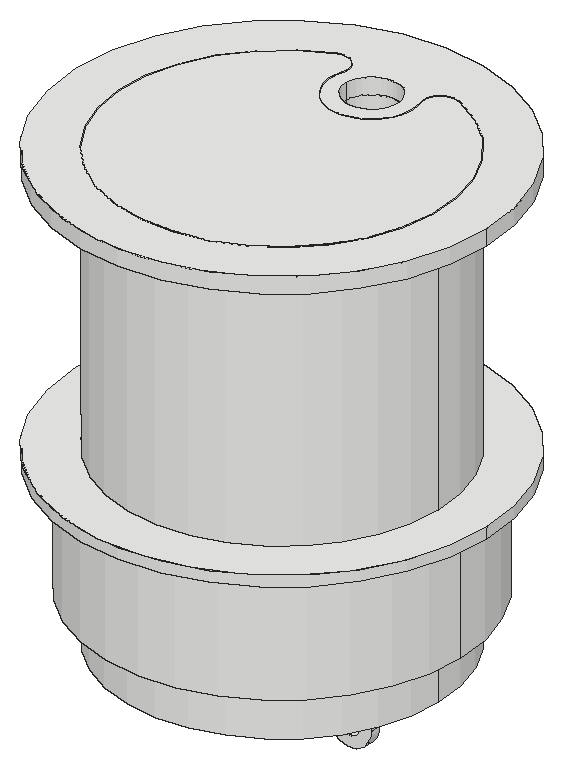
Revit family "Electronics_Masking-Loudspeakers_Biamp_Cambridge_Active-Emitter-Sound-Masking-Loudspeaker_QT__", category Communication Devices, host Face, Revit 2020
Family settings
  Host = Face
  Maintain Annotation Orientation = No
  Round Connector Dimension = Use Diameter
  Part Type = Normal
  OmniClass Number = 23.85.10.11.11.21
  OmniClass Title = Speakers
  Cut with Voids When Loaded = Yes
  Shared = No
  Room Calculation Point = No
Parameters (values of type "Qt Active Emitter White")
  Weight = 0.40 lbf
  URL = "https://www.biamp.com/"
  Selectable Attenuation = "0 dB, -1.5 dB, -3 dB, -4.5 dB"
  Qt Emitter = no
  Product data url = "https://www.bimobject.com/biamp/product/qt-active-emitters_masking-loudspeaker"
  Product Page URL = "https://www.biamp.com/products/product-families/cambridge/masking-loudspeakers#qt-active-emitters"
  Product Documentation Link = "https://downloads.biamp.com/assets/docs/default-source/data-sheets/biamp_data_sheet_qt_active_emitter.pdf"
  Nominal Impedance = "40 kohm"
  Nominal Dispersion = "170° conical / half space"  # constant formula
  Model = "Qt Active Emitter"
  Minimum Masking SPL = "30dBA"  # constant formula
  Maximum Music/Paging SPL = "74dBA"
  Maximum Masking SPL = "60dBA"
  Manufacturer = "Biamp"  # constant formula
  Loudspeaker Type = "Active with integrated amplifier"
  Included Accessories = "Acoustic Ceiling Tile Mounting Ring, UTP Cable (16ft/25ft/30ft)"
  I/O Connectors = "2 RJ-45 connectors"  # constant formula
  Sound Masking Frequency Response = "125Hz to 10kHz"
  Music/Paging Frequency Response = "115Hz to 12kHz"
  Housing Material = Biamp - Plastic - White
  Enclosure = "Front Vented"
  Driver Diameter = "1 1/4''"  # constant formula
  Diameter = 3.25"  # constant formula
  Description = "QT® Active Emitter Sound Masking Loudspeaker"
  Depth = 3.50"
  Default Elevation = 48.00"
  Compliance = "ETL listed (USA and Canada), Evaluated to the requirements of UL 2043 and is suitable for use in air handling spaces"
  Channel Selection = "4 Auto-Sequencing and Repeating Channels"  # constant formula
  Ceiling Thickness [instance] = 2.00"
  Assembly Code = ""
  Active (White Grid) = yes
  Active (Black Grid) = no
  Active = yes
Types (5): name | Selectable Attenuation | Qt Emitter | Product data url | Product Page URL | Product Documentation Link | Nominal Impedance | Model | Maximum Music/Paging SPL | Maximum Masking SPL | Loudspeaker Type | Included Accessories | Sound Masking Frequency Response | Music/Paging Frequency Response | Housing Material | Enclosure | Description | Depth | Compliance | Active (White Grid) | Active (Black Grid) | Active
  (no name) | "0 dB, -1.5 dB, -3 dB, -4.5 dB" | no | "https://www.bimobject.com/biamp/product/qt-active-emitters_masking-loudspeaker" | "https://www.biamp.com/products/product-families/cambridge/masking-loudspeakers#qt-active-emitters" | "https://downloads.biamp.com/assets/docs/default-source/data-sheets/biamp_data_sheet_qt_active_emitter.pdf" | "40 kohm" | "Qt Active Emitter" | "74dBA" | "60dBA" | "Active with integrated amplifier" | "Acoustic Ceiling Tile Mounting Ring, UTP Cable (16ft/25ft/30ft)" | "125Hz to 10kHz" | "115Hz to 12kHz" | Biamp - Plastic - White | "Front Vented" | "QT® Active Emitter Sound Masking Loudspeaker" | 3.50" | "ETL listed (USA and Canada), Evaluated to the requirements of UL 2043 and is suitable for use in air handling spaces" | yes | no | yes
  Qt Emitter White | "0 dB, -3 dB, -6 dB, -9 dB" | yes | "https://www.bimobject.com/biamp/product/qt-emitters_masking-loudspeaker" | "https://www.biamp.com/products/product-families/cambridge/masking-loudspeakers#qt-emitters" | "https://downloads.biamp.com/assets/docs/default-source/data-sheets/biamp_data_sheet_qt_emitters_jul21c.pdf" | "3.6 kohm" | "Qt Emitter" | "56dBA" | "57dBA" | "Passive with transformer" | "Acoustic Ceiling Tile Mounting Ring, UTP Cable (16ft/30ft)" | "200Hz to 6.3kHz" | "200Hz to 10kHz" | Biamp - Plastic - White | "Sealed" | "QT® Emitter Sound Masking Loudspeaker" | 2.50" | "ETL listed (USA and Canada), CE Marked (Europe), RoHS Directive (Europe), Evaluated to the requirements of UL 1480a and UL 2043 and is suitable for use in air handling spaces" | no | no | no
  Qt Active Emitter White | "0 dB, -1.5 dB, -3 dB, -4.5 dB" | no | "https://www.bimobject.com/biamp/product/qt-active-emitters_masking-loudspeaker" | "https://www.biamp.com/products/product-families/cambridge/masking-loudspeakers#qt-active-emitters" | "https://downloads.biamp.com/assets/docs/default-source/data-sheets/biamp_data_sheet_qt_active_emitter.pdf" | "40 kohm" | "Qt Active Emitter" | "74dBA" | "60dBA" | "Active with integrated amplifier" | "Acoustic Ceiling Tile Mounting Ring, UTP Cable (16ft/25ft/30ft)" | "125Hz to 10kHz" | "115Hz to 12kHz" | Biamp - Plastic - White | "Front Vented" | "QT® Active Emitter Sound Masking Loudspeaker" | 3.50" | "ETL listed (USA and Canada), Evaluated to the requirements of UL 2043 and is suitable for use in air handling spaces" | yes | no | yes
  Qt Active Emitter Black | "0 dB, -1.5 dB, -3 dB, -4.5 dB" | no | "https://www.bimobject.com/biamp/product/qt-active-emitters_masking-loudspeaker" | "https://www.biamp.com/products/product-families/cambridge/masking-loudspeakers#qt-active-emitters" | "https://downloads.biamp.com/assets/docs/default-source/data-sheets/biamp_data_sheet_qt_active_emitter.pdf" | "40 kohm" | "Qt Active Emitter" | "74dBA" | "60dBA" | "Active with integrated amplifier" | "Acoustic Ceiling Tile Mounting Ring, UTP Cable (16ft/25ft/30ft)" | "125Hz to 10kHz" | "115Hz to 12kHz" | Biamp - Plastic - Black | "Front Vented" | "QT® Active Emitter Sound Masking Loudspeaker" | 3.50" | "ETL listed (USA and Canada), Evaluated to the requirements of UL 2043 and is suitable for use in air handling spaces" | no | yes | yes
  Qt Emitter Black | "0 dB, -3 dB, -6 dB, -9 dB" | yes | "https://www.bimobject.com/biamp/product/qt-emitters_masking-loudspeaker" | "https://www.biamp.com/products/product-families/cambridge/masking-loudspeakers#qt-emitters" | "https://downloads.biamp.com/assets/docs/default-source/data-sheets/biamp_data_sheet_qt_emitters_jul21c.pdf" | "3.6 kohm" | "Qt Emitter" | "56dBA" | "57dBA" | "Passive with transformer" | "Acoustic Ceiling Tile Mounting Ring, UTP Cable (16ft/30ft)" | "200Hz to 6.3kHz" | "200Hz to 10kHz" | Biamp - Plastic - Black | "Sealed" | "QT® Emitter Sound Masking Loudspeaker" | 2.50" | "ETL listed (USA and Canada), CE Marked (Europe), RoHS Directive (Europe), Evaluated to the requirements of UL 1480a and UL 2043 and is suitable for use in air handling spaces" | no | no | no
Reference planes (in)
  plane 1 "Center (Front/Back)": y = 0
  plane 2: z = 0
  plane 3 "Center (Left/Right)": x = 0
  plane 4: y = 1.625
  plane 5: y = -1.625
  plane 6: x = -1.625
  plane 7: x = 1.625
  plane 8: z = 3.5
  plane 9: z = -2
  plane 10: z = 0
  plane 11: z = 0
  plane 12: z = -2.08286
  plane 13: z = -3
  plane 14: z = -3.37506
  plane 15: z = 0.12494
  plane 16: z = -3.26245
  plane 17: z = -3.46881
  plane 18: z = -6.65776
Forms (in)
  Extrusion 1, solid, material "Biamp - Plastic - White" <- "Housing Material", visible <- "Qt Emitter"
    sketch origin (0, 0, 0) x (1, 0, 0) y (0, 1, 0)
      loop
        circle (0, 0) r 1.625
    from 0 to 0.12494
  Extrusion 2, solid, material "Biamp - Plastic - White" <- "Housing Material", detail levels medium+fine
    sketch origin (0, 0, 0) x (1, 0, 0) y (0, 1, 0)
      loop
        circle (0, 0) r 1.625
      loop
        circle (0, 0) r 1.25
    from -2.08286 to -2
  Extrusion 3, solid, material "Biamp - Plastic - White" <- "Housing Material", detail levels medium+fine
    sketch origin (0, 0, 0) x (1, 0, 0) y (0, 1, 0)
      loop
        circle (0, 0) r 1.42261
      loop
        circle (0, 0) r 1.25
    from -3 to -2.08286
  Extrusion 4, solid, material "Biamp - Plastic - White" <- "Housing Material", visible <- "Qt Emitter"
    sketch origin (0, 0, 0) x (1, 0, 0) y (0, 1, 0)
      loop
        circle (0, 0) r 1.25
    from -3.37506 to 0
  Extrusion 5, void
    sketch origin (0, 0, 0) x (1, 0, 0) y (0, 1, 0)
      loop
        circle (0, 0) r 0.05229
      loop
        circle (0, 0.24955) r 0.05229
      loop
        circle (0, 0.51031) r 0.05229
      loop
        circle (0, -0.24955) r 0.05229
      loop
        circle (0, -0.51031) r 0.05229
      loop
        circle (0.12615, 0.21508) r 0.05229
      loop
        circle (0.12615, 0.49928) r 0.05229
      loop
        circle (0.22879, 0.12521) r 0.05229
      loop
        circle (0.44284, 0.25244) r 0.05229
      loop
        circle (0.25488, 0.44805) r 0.05229
      loop
        circle (0.36041, 0.36981) r 0.05229
      loop
        circle (0.49688, 0.13494) r 0.05229
      loop
        circle (0.25808, 0) r 0.05229
      loop
        circle (0.50808, 0) r 0.05229
      loop
        circle (0.12615, -0.21508) r 0.05229
      loop
        circle (0.12615, -0.49928) r 0.05229
      loop
        circle (0.22879, -0.12521) r 0.05229
      loop
        circle (0.44284, -0.25244) r 0.05229
      loop
        circle (0.25488, -0.44805) r 0.05229
      loop
        circle (0.36041, -0.36981) r 0.05229
      loop
        circle (0.49688, -0.13494) r 0.05229
      loop
        circle (-0.12615, 0.21508) r 0.05229
      loop
        circle (-0.12615, 0.49928) r 0.05229
      loop
        circle (-0.22879, 0.12521) r 0.05229
      loop
        circle (-0.44284, 0.25244) r 0.05229
      loop
        circle (-0.25488, 0.44805) r 0.05229
      loop
        circle (-0.36041, 0.36981) r 0.05229
      loop
        circle (-0.49688, 0.13494) r 0.05229
      loop
        circle (-0.25808, 0) r 0.05229
      loop
        circle (-0.50808, 0) r 0.05229
      loop
        circle (-0.12615, -0.21508) r 0.05229
      loop
        circle (-0.12615, -0.49928) r 0.05229
      loop
        circle (-0.22879, -0.12521) r 0.05229
      loop
        circle (-0.44284, -0.25244) r 0.05229
      loop
        circle (-0.25488, -0.44805) r 0.05229
      loop
        circle (-0.36041, -0.36981) r 0.05229
      loop
        circle (-0.49688, -0.13494) r 0.05229
    from 0 to 0.12494
  Extrusion 6, void
    sketch origin (0, 0, 0) x (1, 0, 0) y (0, 1, 0)
      loop
        line (-0.55934, 0.185) -> (-0.55934, -0.4384) -> (-0.00781, -0.4384) -> (-0.00781, 0.185) -> (-0.55934, 0.185)
      loop
        line (0.55934, 0.185) -> (0.00781, 0.185) -> (0.00781, -0.4384) -> (0.55934, -0.4384) -> (0.55934, 0.185)
    from -3.37506 to -3.26245
  Extrusion 7, solid, material "Biamp - Plastic - White" <- "Housing Material", visible <- "Qt Emitter", detail levels medium+fine
    sketch origin (-0.17187, 0, 0) x (1, 0, 0) y (0, 0, 1)
      loop
        line (-0.39408, -3.37506) -> (-0.39408, -3.50006)
        arc (-0.39408, -3.50006) -> (-0.26908, -3.62506) -> (-0.14408, -3.50006) r 0.125
        line (-0.14408, -3.50006) -> (-0.14408, -3.37506) -> (-0.39408, -3.37506)
      loop
        circle (-0.26908, -3.46881) r 0.05777
    from -0.30057 to -0.26159
  Extrusion 8, solid, material "Biamp - Plastic - White" <- "Housing Material", visible <- "Qt Emitter"
    sketch origin (0, 0, 0) x (1, 0, 0) y (0, 1, 0)
      loop
        circle (0, 0) r 1.625
    from 0 to 0.12494
  Extrusion 9, solid, material "Biamp - Plastic - White" <- "Housing Material", visible <- "Active"
    sketch origin (0, 0, 0) x (1, 0, 0) y (0, 1, 0)
      loop
        circle (0, 0) r 1.25
    from -3.37506 to 0
  Extrusion 10, void
    sketch origin (0, 0, 0) x (1, 0, 0) y (0, 1, 0)
      loop
        circle (0, 0) r 0.05229
      loop
        circle (0, 0.24955) r 0.05229
      loop
        circle (0, 0.51031) r 0.05229
      loop
        circle (0, -0.24955) r 0.05229
      loop
        circle (0, -0.51031) r 0.05229
      loop
        circle (0.12615, 0.21508) r 0.05229
      loop
        circle (0.12615, 0.49928) r 0.05229
      loop
        circle (0.22879, 0.12521) r 0.05229
      loop
        circle (0.44284, 0.25244) r 0.05229
      loop
        circle (0.25488, 0.44805) r 0.05229
      loop
        circle (0.36041, 0.36981) r 0.05229
      loop
        circle (0.49688, 0.13494) r 0.05229
      loop
        circle (0.25808, 0) r 0.05229
      loop
        circle (0.50808, 0) r 0.05229
      loop
        circle (0.12615, -0.21508) r 0.05229
      loop
        circle (0.12615, -0.49928) r 0.05229
      loop
        circle (0.22879, -0.12521) r 0.05229
      loop
        circle (0.44284, -0.25244) r 0.05229
      loop
        circle (0.25488, -0.44805) r 0.05229
      loop
        circle (0.36041, -0.36981) r 0.05229
      loop
        circle (0.49688, -0.13494) r 0.05229
      loop
        circle (-0.12615, 0.21508) r 0.05229
      loop
        circle (-0.12615, 0.49928) r 0.05229
      loop
        circle (-0.22879, 0.12521) r 0.05229
      loop
        circle (-0.44284, 0.25244) r 0.05229
      loop
        circle (-0.25488, 0.44805) r 0.05229
      loop
        circle (-0.36041, 0.36981) r 0.05229
      loop
        circle (-0.49688, 0.13494) r 0.05229
      loop
        circle (-0.25808, 0) r 0.05229
      loop
        circle (-0.50808, 0) r 0.05229
      loop
        circle (-0.12615, -0.21508) r 0.05229
      loop
        circle (-0.12615, -0.49928) r 0.05229
      loop
        circle (-0.22879, -0.12521) r 0.05229
      loop
        circle (-0.44284, -0.25244) r 0.05229
      loop
        circle (-0.25488, -0.44805) r 0.05229
      loop
        circle (-0.36041, -0.36981) r 0.05229
      loop
        circle (-0.49688, -0.13494) r 0.05229
    from 0 to 0.12494
  Extrusion 11, void
    sketch origin (0, 0, 0) x (1, 0, 0) y (0, 1, 0)
      loop
        line (0.55934, 0.185) -> (0.00781, 0.185) -> (0.00781, -0.4384) -> (0.55934, -0.4384) -> (0.55934, 0.185)
      loop
        line (-0.55934, 0.185) -> (-0.55934, -0.4384) -> (-0.00781, -0.4384) -> (-0.00781, 0.185) -> (-0.55934, 0.185)
      loop
        circle (0.55934, 0.74641) r 0.16251
      loop
        line (0.46905, -0.5052) -> (0.09441, -0.5052) -> (0.09441, -0.81942) -> (0.46905, -0.81942) -> (0.46905, -0.5052)
    from -3.37506 to -3.26245
  Extrusion 12, solid, material "Biamp - Plastic - White" <- "Housing Material", visible <- "Qt Emitter", detail levels medium+fine
    sketch origin (-0.17187, 0, 0) x (1, 0, 0) y (0, 0, 1)
      loop
        line (-0.39408, -3.37506) -> (-0.39408, -3.50006)
        arc (-0.39408, -3.50006) -> (-0.26908, -3.62506) -> (-0.14408, -3.50006) r 0.125
        line (-0.14408, -3.50006) -> (-0.14408, -3.37506) -> (-0.39408, -3.37506)
      loop
        circle (-0.26908, -3.46881) r 0.05777
    from -0.30057 to -0.26159
  Extrusion 13, solid, material "Biamp - Plastic - White" <- "Housing Material", visible <- "Active"
    sketch origin (0, 0, 0) x (1, 0, 0) y (0, 1, 0)
      loop
        circle (0, 0) r 1.625
      loop
        arc (-0.48484, 1.15214) -> (0, -1.25) -> (0.48484, 1.15214) r 1.25
        arc (0.48484, 1.15214) -> (0.35027, 1.13241) -> (0.30526, 1.00406) r 0.13141
        arc (0.30526, 1.00406) -> (0, 0.56743) -> (-0.30526, 1.00406) r 0.32502
        arc (-0.30526, 1.00406) -> (-0.35027, 1.13241) -> (-0.48484, 1.15214) r 0.13141
      loop
        circle (0, 0.89245) r 0.20689
    from 0 to 0.12494
  Extrusion 14, void
    sketch origin (0, 0, 0) x (1, 0, 0) y (0, 1, 0)
      loop
        circle (0, 0.89245) r 0.20689
    from -0.38414 to 0
  Extrusion 15, solid, material "Biamp - Plastic - White(Grid)", visible <- "Active (White Grid)"
    sketch origin (0, 0, 0) x (1, 0, 0) y (0, 1, 0)
      loop
        arc (-0.48484, 1.15214) -> (0, -1.25) -> (0.48484, 1.15214) r 1.25
        arc (0.48484, 1.15214) -> (0.35027, 1.13241) -> (0.30526, 1.00406) r 0.13141
        arc (0.30526, 1.00406) -> (0, 0.56743) -> (-0.30526, 1.00406) r 0.32502
        arc (-0.30526, 1.00406) -> (-0.35027, 1.13241) -> (-0.48484, 1.15214) r 0.13141
    from 0 to 0.12494
  Extrusion 16, solid, material "Biamp - Plastic - White" <- "Housing Material", visible <- "Active", detail levels medium+fine
    sketch origin (0.58366, 0, 0) x (-1, 0, 0) y (0, 0, -1)
      loop
        line (-0.4332, 3.37506) -> (-0.09518, 3.37506) -> (-0.09518, 3.50006)
        arc (-0.09518, 3.50006) -> (-0.26419, 3.66907) -> (-0.4332, 3.50006) r 0.16901
        line (-0.4332, 3.50006) -> (-0.4332, 3.37506)
      loop
        circle (-0.26908, 3.50788) r 0.07632
    from 0.3058 to 0.37831
  Extrusion 17, solid, material "Biamp - Plastic - Black(Grid)", visible <- "Active (Black Grid)"
    sketch origin (0, 0, 0) x (1, 0, 0) y (0, 1, 0)
      loop
        arc (-0.48484, 1.15214) -> (0, -1.25) -> (0.48484, 1.15214) r 1.25
        arc (0.48484, 1.15214) -> (0.35027, 1.13241) -> (0.30526, 1.00406) r 0.13141
        arc (0.30526, 1.00406) -> (0, 0.56743) -> (-0.30526, 1.00406) r 0.32502
        arc (-0.30526, 1.00406) -> (-0.35027, 1.13241) -> (-0.48484, 1.15214) r 0.13141
    from 0 to 0.12494
  Extrusion 18, void
    sketch origin (0, 0, 0) x (1, 0, 0) y (0, 1, 0)
      loop
        circle (0, 0) r 1.5
    from 0 to -3.37506
Cuts and joins
  joined: Extrusion 2, Extrusion 3
  Extrusion 5, Extrusion 10 cuts Extrusion 1
  Extrusion 5, Extrusion 6, Extrusion 10, Extrusion 11 cuts Extrusion 4
  Extrusion 5, Extrusion 10 cuts Extrusion 8
  Extrusion 6, Extrusion 10, Extrusion 11, Extrusion 14 cuts Extrusion 9
Lines and regions (in)
  Masking region 1
    outline origin (0, 0, 0) x (1, 0, 0) y (0, 1, 0)
      loop
        circle (0, 0) r 1.625
  Masking region 2
    outline origin (0, 0, 0) x (1, 0, 0) y (0, 1, 0)
      loop
        circle (0, 0) r 1.42261
  Masking region 3
    outline origin (0, 0, 0) x (1, 0, 0) y (0, 1, 0)
      loop
        circle (0, 0) r 1.25
  Masking region 4
    outline origin (0, 0, 0) x (1, 0, 0) y (0, 1, 0)
      loop
        circle (-0.55934, 0.74641) r 0.16251
      loop
        circle (0.55934, 0.74641) r 0.16251
      loop
        line (-0.55934, 0.185) -> (-0.55934, -0.4384) -> (-0.00781, -0.4384) -> (-0.00781, 0.185) -> (-0.55934, 0.185)
      loop
        line (0.00781, 0.185) -> (0.00781, -0.4384) -> (0.55934, -0.4384) -> (0.55934, 0.185) -> (0.00781, 0.185)
      loop
        line (0.46905, -0.5052) -> (0.09441, -0.5052) -> (0.09441, -0.81942) -> (0.46905, -0.81942) -> (0.46905, -0.5052)
  Masking region 5, visible <- "Active"
    outline origin (0, 0, 0) x (1, 0, 0) y (0, 1, 0)
      loop
        line (0.67883, -0.37831) -> (1.01686, -0.37831) -> (1.01686, -0.3058) -> (0.67883, -0.3058) -> (0.67883, -0.37831)
  Masking region 6, visible <- "Qt Emitter"
    outline origin (0, 0, 0) x (1, 0, 0) y (0, 1, 0)
      loop
        line (-0.31595, 0.30057) -> (-0.56595, 0.30057) -> (-0.56595, 0.26159) -> (-0.31595, 0.26159) -> (-0.31595, 0.30057)
Dimensions and locks (in)
  equal spacing: plane 6, plane 3 "Center (Left/Right)", plane 7
  equal spacing: plane 4, plane 1 "Center (Front/Back)", plane 5
  "Diameter": plane 4 to plane 5
  "Diameter": plane 6 to plane 7
  plane 11 to plane 9 = 2.00"
  locked: plane 12 to plane 13 at 0.91714
  locked: plane 9 to plane 12 at 0.08286
  "Depth": plane 15 to plane 14
  plane 15 to plane 11 = 0.12494"
  locked: plane 16 to plane 14 at 0.11261
  locked: plane 14 to plane 17 at 0.09375
  "Ceiling Thickness": level to plane 9
  radius of Extrusion 4 sketch curve = 1.25"
  aligned and locked: plane 2 to host face
  aligned and locked: level to host face
  aligned and locked: cut or joined group of Extrusion 1, Extrusion 5, Extrusion 10 to plane 11
  aligned and locked: plane 12 to cut or joined group of Extrusion 2, Extrusion 3  (x4)
  aligned and locked: plane 13 to cut or joined group of Extrusion 2, Extrusion 3
  aligned and locked: plane 9 to cut or joined group of Extrusion 2, Extrusion 3
  aligned and locked: cut or joined group of Extrusion 2, Extrusion 3 to plane 9  (x2)
  aligned and locked: Extrusion 4 to plane 14
  aligned and locked: cut or joined group of Extrusion 2, Extrusion 3 to plane 12
  aligned and locked: Extrusion 3 to Extrusion 2
  aligned and locked: plane 15 to cut or joined group of Extrusion 1, Extrusion 5, Extrusion 10
  aligned and locked: plane 16 to cut or joined group of Extrusion 4, Extrusion 5, Extrusion 6, Extrusion 10, Extrusion 11
  aligned and locked: plane 17 to Extrusion 7
  aligned and locked: cut or joined group of Extrusion 6, Extrusion 9, Extrusion 10, Extrusion 11, Extrusion 14 to plane 14
  aligned and locked: Extrusion 11 to plane 14
  aligned and locked: plane 16 to Extrusion 11
  aligned and locked: Extrusion 9 to plane 14
  aligned and locked: plane 16 to cut or joined group of Extrusion 6, Extrusion 9, Extrusion 10, Extrusion 11, Extrusion 14
  aligned and locked: cut or joined group of Extrusion 4, Extrusion 5, Extrusion 6, Extrusion 10, Extrusion 11 to plane 14
  aligned and locked: Extrusion 18 to plane 14
Automatic sketch dimensions
  host sketch curve to host sketch curve = 96.00"  (x2)
  plane 1 "Center (Front/Back)" to Extrusion 1 sketch curve = 0.00"
  Extrusion 1 sketch curve to plane 3 "Center (Left/Right)" = 0.00"
  Extrusion 2 sketch curve to Extrusion 2 sketch curve = 0.00"  (x6)
  plane 1 "Center (Front/Back)" to Extrusion 2 sketch curve = 0.00"
  Extrusion 2 sketch curve to plane 3 "Center (Left/Right)" = 0.00"
  plane 6 to Extrusion 2 sketch curve = 0.375"
  Extrusion 3 sketch curve to Extrusion 3 sketch curve = 0.00"  (x6)
  plane 1 "Center (Front/Back)" to Extrusion 3 sketch curve = 0.00"
  Extrusion 3 sketch curve to plane 3 "Center (Left/Right)" = 0.00"
  plane 6 to Extrusion 3 sketch curve = 0.375"
  plane 1 "Center (Front/Back)" to Extrusion 4 sketch curve = 0.00"
  Extrusion 4 sketch curve to plane 3 "Center (Left/Right)" = 0.00"
  plane 1 "Center (Front/Back)" to Extrusion 5 sketch curve = 0.00"  (x5)
  Extrusion 5 sketch curve to plane 3 "Center (Left/Right)" = 0.00"  (x5)
  Extrusion 5 sketch curve to plane 3 "Center (Left/Right)" = 0.12615"  (x4)
  Extrusion 5 sketch curve to Extrusion 5 sketch curve = 0.10264"  (x4)
  Extrusion 5 sketch curve to Extrusion 5 sketch curve = 0.12873"  (x4)
  Extrusion 5 sketch curve to Extrusion 5 sketch curve = 0.02929"  (x2)
  Extrusion 5 sketch curve to Extrusion 5 sketch curve = 0.10553"  (x4)
  Extrusion 5 sketch curve to Extrusion 5 sketch curve = 0.08243"  (x4)
  Extrusion 5 sketch curve to Extrusion 5 sketch curve = 0.05403"  (x4)
  Extrusion 5 sketch curve to Extrusion 5 sketch curve = 0.0112"  (x2)
  plane 3 "Center (Left/Right)" to Extrusion 5 sketch curve = 0.12615"  (x4)
  plane 1 "Center (Front/Back)" to Extrusion 5 sketch curve = 0.12521"  (x2)
  plane 1 "Center (Front/Back)" to Extrusion 5 sketch curve = 0.13494"  (x2)
  Extrusion 5 sketch curve to Extrusion 5 sketch curve = 0.08986"  (x4)
  Extrusion 5 sketch curve to Extrusion 5 sketch curve = 0.03447"  (x2)
  Extrusion 5 sketch curve to Extrusion 5 sketch curve = 0.1175"  (x4)
  Extrusion 5 sketch curve to Extrusion 5 sketch curve = 0.11736"  (x4)
  Extrusion 5 sketch curve to Extrusion 5 sketch curve = 0.07824"  (x4)
  Extrusion 5 sketch curve to Extrusion 5 sketch curve = 0.05123"  (x4)
  Extrusion 5 sketch curve to Extrusion 5 sketch curve = 0.01104"  (x2)
  Extrusion 5 sketch curve to plane 1 "Center (Front/Back)" = 0.12521"  (x2)
  Extrusion 5 sketch curve to plane 1 "Center (Front/Back)" = 0.13494"  (x2)
  Extrusion 6 sketch curve to plane 1 "Center (Front/Back)" = 0.185"  (x2)
  Extrusion 6 sketch curve to plane 3 "Center (Left/Right)" = 0.55934"
  Extrusion 6 sketch curve to plane 3 "Center (Left/Right)" = 0.00781"
  plane 3 "Center (Left/Right)" to Extrusion 6 sketch curve = 0.00781"
  Extrusion 6 sketch curve to Extrusion 6 sketch curve = 0.55153"
  plane 1 "Center (Front/Back)" to Extrusion 6 sketch curve = 0.4384"
  Extrusion 6 sketch curve to Extrusion 6 sketch curve = 0.00"
  Extrusion 7 sketch curve to plane 14 = 0.00"
  Extrusion 7 sketch curve to plane 17 = 0.00"
  Extrusion 7 sketch curve to plane 3 "Center (Left/Right)" = 0.56595"
  Extrusion 7 sketch curve to Extrusion 7 sketch curve = 0.125"
  Extrusion 7 sketch curve to Extrusion 7 sketch curve = 0.00"
  Extrusion 7 sketch curve to Extrusion 7 sketch curve = 0.03125"
  plane 1 "Center (Front/Back)" to Extrusion 8 sketch curve = 0.00"
  Extrusion 8 sketch curve to plane 3 "Center (Left/Right)" = 0.00"
  plane 1 "Center (Front/Back)" to Extrusion 9 sketch curve = 0.00"
  Extrusion 9 sketch curve to plane 3 "Center (Left/Right)" = 0.00"
  plane 1 "Center (Front/Back)" to Extrusion 10 sketch curve = 0.00"  (x5)
  Extrusion 10 sketch curve to plane 3 "Center (Left/Right)" = 0.00"  (x5)
  Extrusion 10 sketch curve to plane 3 "Center (Left/Right)" = 0.12615"  (x4)
  Extrusion 10 sketch curve to Extrusion 10 sketch curve = 0.10264"  (x4)
  Extrusion 10 sketch curve to Extrusion 10 sketch curve = 0.12873"  (x4)
  Extrusion 10 sketch curve to Extrusion 10 sketch curve = 0.02929"  (x2)
  Extrusion 10 sketch curve to Extrusion 10 sketch curve = 0.10553"  (x4)
  Extrusion 10 sketch curve to Extrusion 10 sketch curve = 0.08243"  (x4)
  Extrusion 10 sketch curve to Extrusion 10 sketch curve = 0.05403"  (x4)
  Extrusion 10 sketch curve to Extrusion 10 sketch curve = 0.0112"  (x2)
  plane 3 "Center (Left/Right)" to Extrusion 10 sketch curve = 0.12615"  (x4)
  plane 1 "Center (Front/Back)" to Extrusion 10 sketch curve = 0.12521"  (x2)
  plane 1 "Center (Front/Back)" to Extrusion 10 sketch curve = 0.13494"  (x2)
  Extrusion 10 sketch curve to Extrusion 10 sketch curve = 0.08986"  (x4)
  Extrusion 10 sketch curve to Extrusion 10 sketch curve = 0.03447"  (x2)
  Extrusion 10 sketch curve to Extrusion 10 sketch curve = 0.1175"  (x4)
  Extrusion 10 sketch curve to Extrusion 10 sketch curve = 0.11736"  (x4)
  Extrusion 10 sketch curve to Extrusion 10 sketch curve = 0.07824"  (x4)
  Extrusion 10 sketch curve to Extrusion 10 sketch curve = 0.05123"  (x4)
  Extrusion 10 sketch curve to Extrusion 10 sketch curve = 0.01104"  (x2)
  Extrusion 10 sketch curve to plane 1 "Center (Front/Back)" = 0.12521"  (x2)
  Extrusion 10 sketch curve to plane 1 "Center (Front/Back)" = 0.13494"  (x2)
  Extrusion 11 sketch curve to plane 3 "Center (Left/Right)" = 0.55934"
  Extrusion 11 sketch curve to plane 3 "Center (Left/Right)" = 0.00781"
  plane 3 "Center (Left/Right)" to Extrusion 11 sketch curve = 0.00781"
  plane 3 "Center (Left/Right)" to Extrusion 11 sketch curve = 0.09441"
  Extrusion 11 sketch curve to Extrusion 11 sketch curve = 0.37464"
  Extrusion 11 sketch curve to plane 1 "Center (Front/Back)" = 0.185"
  Extrusion 11 sketch curve to Extrusion 11 sketch curve = 0.55153"
  plane 3 "Center (Left/Right)" to Extrusion 11 sketch curve = 0.55934"
  Extrusion 11 sketch curve to Extrusion 11 sketch curve = 0.00"
  plane 1 "Center (Front/Back)" to Extrusion 11 sketch curve = 0.4384"  (x2)
  Extrusion 11 sketch curve to Extrusion 11 sketch curve = 0.0668"
  Extrusion 11 sketch curve to Extrusion 11 sketch curve = 0.31422"
  Extrusion 11 sketch curve to Extrusion 11 sketch curve = 0.56141"
  Extrusion 12 sketch curve to plane 14 = 0.00"
  Extrusion 12 sketch curve to plane 17 = 0.00"
  Extrusion 12 sketch curve to plane 3 "Center (Left/Right)" = 0.56595"
  Extrusion 12 sketch curve to Extrusion 12 sketch curve = 0.125"
  Extrusion 12 sketch curve to Extrusion 12 sketch curve = 0.00"
  Extrusion 12 sketch curve to Extrusion 12 sketch curve = 0.03125"
  Extrusion 13 sketch curve to Extrusion 13 sketch curve = 0.00"  (x5)
  plane 1 "Center (Front/Back)" to Extrusion 13 sketch curve = 0.00"
  Extrusion 13 sketch curve to plane 3 "Center (Left/Right)" = 0.00"  (x2)
  Extrusion 13 sketch curve to plane 3 "Center (Left/Right)" = 0.43387"
  plane 3 "Center (Left/Right)" to Extrusion 13 sketch curve = 0.43387"
  Extrusion 13 sketch curve to plane 4 = 0.73255"
  Extrusion 13 sketch curve to Extrusion 13 sketch curve = 0.13857"  (x2)
  Extrusion 13 sketch curve to Extrusion 13 sketch curve = 0.12861"  (x2)
  Extrusion 13 sketch curve to Extrusion 13 sketch curve = 0.05097"
  Extrusion 14 sketch curve to Extrusion 14 sketch curve = 0.00"  (x2)
  Extrusion 14 sketch curve to plane 3 "Center (Left/Right)" = 0.00"
  Extrusion 14 sketch curve to plane 4 = 0.73255"
  Extrusion 14 sketch curve to Extrusion 14 sketch curve = 0.20689"
  Extrusion 15 sketch curve to plane 3 "Center (Left/Right)" = 0.00"  (x2)
  plane 1 "Center (Front/Back)" to Extrusion 15 sketch curve = 0.00"
  Extrusion 15 sketch curve to plane 3 "Center (Left/Right)" = 0.43387"
  plane 3 "Center (Left/Right)" to Extrusion 15 sketch curve = 0.43387"
  Extrusion 15 sketch curve to plane 4 = 0.73255"
  Extrusion 15 sketch curve to Extrusion 15 sketch curve = 0.13857"  (x2)
  Extrusion 15 sketch curve to Extrusion 15 sketch curve = 0.12861"  (x2)
  Extrusion 15 sketch curve to Extrusion 15 sketch curve = 0.05097"
  Extrusion 15 sketch curve to Extrusion 15 sketch curve = 0.00"
  Extrusion 16 sketch curve to plane 14 = 0.00"
  Extrusion 16 sketch curve to plane 7 = 0.60814"
  Extrusion 16 sketch curve to plane 17 = 0.03906"
  Extrusion 16 sketch curve to Extrusion 16 sketch curve = 0.16412"
  Extrusion 16 sketch curve to Extrusion 16 sketch curve = 0.00489"
  Extrusion 16 sketch curve to plane 17 = 0.03125"
  plane 1 "Center (Front/Back)" to Masking region 1 sketch curve = 0.00"
  Masking region 1 sketch curve to plane 3 "Center (Left/Right)" = 0.00"
  plane 1 "Center (Front/Back)" to Masking region 2 sketch curve = 0.00"
  Masking region 2 sketch curve to plane 3 "Center (Left/Right)" = 0.00"
  plane 1 "Center (Front/Back)" to Masking region 3 sketch curve = 0.00"
  Masking region 3 sketch curve to plane 3 "Center (Left/Right)" = 0.00"
  Masking region 4 sketch curve to plane 3 "Center (Left/Right)" = 0.55934"  (x2)
  Masking region 4 sketch curve to plane 3 "Center (Left/Right)" = 0.00781"
  plane 3 "Center (Left/Right)" to Masking region 4 sketch curve = 0.00781"
  plane 3 "Center (Left/Right)" to Masking region 4 sketch curve = 0.09441"
  Masking region 4 sketch curve to Masking region 4 sketch curve = 0.37464"
  plane 3 "Center (Left/Right)" to Masking region 4 sketch curve = 0.55934"
  Masking region 4 sketch curve to Masking region 4 sketch curve = 0.09029"
  plane 5 to Masking region 4 sketch curve = 0.80558"
  Masking region 4 sketch curve to Masking region 4 sketch curve = 0.31422"
  Masking region 4 sketch curve to Masking region 4 sketch curve = 0.0668"
  Masking region 4 sketch curve to Masking region 4 sketch curve = 0.00"  (x4)
  Masking region 4 sketch curve to plane 1 "Center (Front/Back)" = 0.185"
  Masking region 4 sketch curve to Masking region 4 sketch curve = 0.56141"  (x2)
  Masking region 4 sketch curve to Masking region 4 sketch curve = 0.16251"  (x2)
  plane 1 "Center (Front/Back)" to Extrusion 17 sketch curve = 0.00"
  Extrusion 17 sketch curve to plane 4 = 0.59398"
  Extrusion 17 sketch curve to plane 7 = 2.05887"
  Extrusion 17 sketch curve to Extrusion 17 sketch curve = 0.43387"  (x2)
  Extrusion 17 sketch curve to Extrusion 17 sketch curve = 0.00"  (x2)
  Extrusion 17 sketch curve to Extrusion 17 sketch curve = 0.13857"  (x2)
  Extrusion 17 sketch curve to Extrusion 17 sketch curve = 0.05097"
  Extrusion 17 sketch curve to Extrusion 17 sketch curve = 0.12861"  (x2)
  plane 1 "Center (Front/Back)" to Extrusion 18 sketch curve = 0.00"
  Extrusion 18 sketch curve to plane 3 "Center (Left/Right)" = 0.00"
  plane 3 "Center (Left/Right)" to Masking region 5 sketch curve = 0.67883"
  Masking region 5 sketch curve to Masking region 5 sketch curve = 0.33802"
  plane 1 "Center (Front/Back)" to Masking region 5 sketch curve = 0.3058"
  Masking region 5 sketch curve to Masking region 5 sketch curve = 0.07251"
  Masking region 6 sketch curve to plane 3 "Center (Left/Right)" = 0.56595"
  Masking region 6 sketch curve to Masking region 6 sketch curve = 0.25"
  Masking region 6 sketch curve to plane 1 "Center (Front/Back)" = 0.26159"
  Masking region 6 sketch curve to Masking region 6 sketch curve = 0.03899"
  radius of Extrusion 1 sketch curve = 1.625"
  radius of Extrusion 2 sketch curve = 1.625"
  radius of Extrusion 3 sketch curve = 1.42261"
  radius of Extrusion 5 sketch curve = 0.05229"  (x37)
  radius of Extrusion 7 sketch curve = 0.05777"
  radius of Extrusion 8 sketch curve = 1.625"
  radius of Extrusion 9 sketch curve = 1.25"
  radius of Extrusion 10 sketch curve = 0.05229"  (x37)
  radius of Extrusion 11 sketch curve = 0.16251"
  radius of Extrusion 12 sketch curve = 0.05777"
  radius of Extrusion 13 sketch curve = 1.625"
  radius of Extrusion 13 sketch curve = 0.20689"
  radius of Extrusion 16 sketch curve = 0.07632"
  radius of Masking region 1 sketch curve = 1.625"
  radius of Masking region 2 sketch curve = 1.42261"
  radius of Masking region 3 sketch curve = 1.25"
  radius of Extrusion 18 sketch curve = 1.50"
Connectors (in)
  electrical at (-0.28358, -0.1267, -3.26245)
    settings: on cut or joined group of Extrusion 6, Extrusion 9, Extrusion 10, Extrusion 11, Extrusion 14, index 2, voltage 0 V, apparent load 0 VA, apparent load phase1 0 VA, apparent load phase2 0 VA, apparent load phase3 0 VA, power factor 1, load classification "Other", number of poles 1, system type 5, power factor state 1, is connector primary yes, connector utility no, sub classification motor no, connector description "RJ-45; Input"
  electrical at (0.28358, -0.1267, -3.26245)
    settings: on cut or joined group of Extrusion 6, Extrusion 9, Extrusion 10, Extrusion 11, Extrusion 14, index 3, voltage 0 V, apparent load 0 VA, apparent load phase1 0 VA, apparent load phase2 0 VA, apparent load phase3 0 VA, power factor 1, load classification "Other", number of poles 1, system type 5, power factor state 1, is connector primary no, connector utility no, sub classification motor no, connector description "RJ-45; Output"
